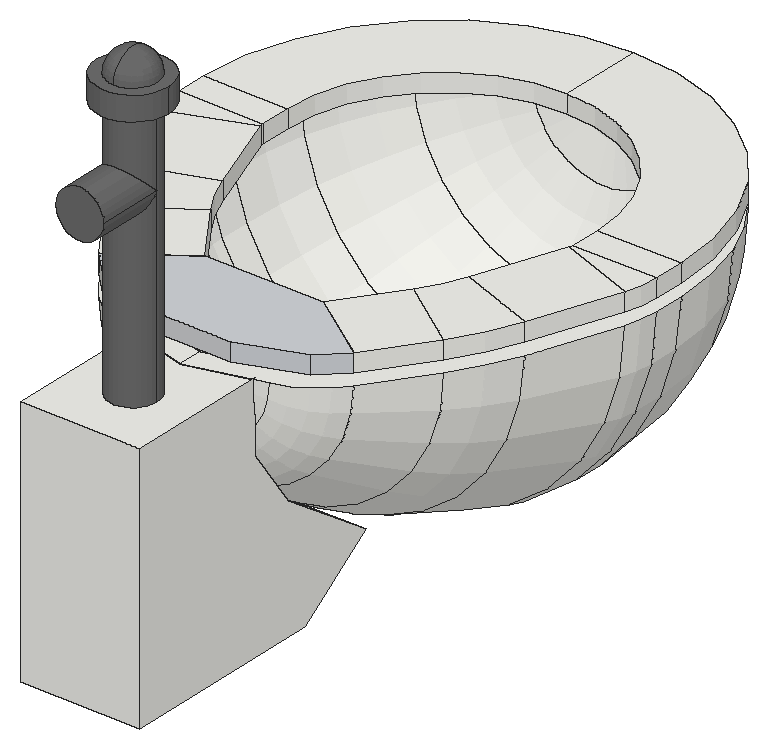
Revit family
Parameters (values of type "15" Seat Height")
  Waste Connection = no
  Vent Connection = no
  HW Connection = no
  CW Connection = no
  Assembly Code = "D2010100"
  Mounting Height = 1' - 3"
  Piping Material = Metal - Steel, Polished
  Toilet - Bowl Material = Porcelain - Ivory
  Toilet - Seat Material = Laminate - Ivory,Matte
Types (2): name | Assembly Code | Mounting Height
  15" Seat Height | "D2010100" | 1' - 3"
  19" Seat Height | "D2010110" | 1' - 7"
Reference planes (in)
  plane 1: y = 0
  plane 2: x = 15.94107
  plane 3: y = 3
  plane 4: y = 30
  plane 5: z = 13.5
  plane 6: z = 15
  plane 7: z = 25.5
  plane 8: y = 5.77698
  plane 9: x = 23.44107
  plane 10: x = 8.44107
Forms (in)
  Extrusion 1, solid, material "Porcelain - Ivory" <- "Toilet - Bowl Material"
    sketch origin (15.94107, 0, 0) x (0, -1, 0) y (0, 0, 1)
      loop
        line (-3, 13.5) -> (-9.0159, 13.5) -> (-9.0159, 10.60222) -> (-10.73663, 8.14477) -> (-14.83239, 5.27688) -> (-11.6632, 3) -> (-3, 3) -> (-3, 13.5)
    from -2.5 to 2.5
  Extrusion 2, solid, material "Metal - Steel, Polished" <- "Piping Material"
    sketch origin (13.44107, 3, 13.5) x (1, 0, 0) y (0, 1, 0)
      loop
        circle (2.5, 2.77698) r 1
    from 0 to 11
  Extrusion 3, solid, material "Metal - Steel, Polished" <- "Piping Material"
    sketch origin (0, 3, 0) x (1, 0, 0) y (0, 0, 1)
      loop
        circle (15.94107, 21.42564) r 1
    from 0 to -2.78125
  Extrusion 4, solid, material "Metal - Steel, Polished" <- "Piping Material"
    sketch origin (13.44107, 3, 24.5) x (1, 0, 0) y (0, 1, 0)
      loop
        circle (2.5, 2.77698) r 1.5
    from 0 to 1
  Revolve 5, solid, material "Metal - Steel, Polished" <- "Piping Material"
    sketch origin (15.94107, 0, 0) x (0, -1, 0) y (0, 0, 1)
      loop
        line (-6.78555, 25.5) -> (-5.77698, 25.5) -> (-5.77698, 26.50857)
        arc (-5.77698, 26.50857) -> (-6.49014, 26.21316) -> (-6.78555, 25.5) r 1.00857
      axis (-5.77698, 25.5) -> (-5.77698, 26.50857)
    angle from 0 to 360
  Revolve 6, solid, material "Porcelain - Ivory" <- "Toilet - Bowl Material"
    sketch origin (0, 0, 13.5) x (1, 0, 0) y (0, 1, 0)
      loop
        line (15.94107, 32) -> (15.94107, 31)
        arc (15.94107, 31) -> (17.5039, 30.86327) -> (19.01925, 30.45723) r 9
        arc (19.01925, 30.45723) -> (20.77677, 29.59052) -> (22.30503, 28.36396) r 9
        arc (22.30503, 28.36396) -> (23.53159, 26.8357) -> (24.3983, 25.07818) r 9
        arc (24.3983, 25.07818) -> (24.80434, 23.56283) -> (24.94107, 22) r 9
        line (24.94107, 22) -> (24.94107, 20.70531)
        arc (24.94107, 20.70531) -> (24.89549, 20.18436) -> (24.76015, 19.67925) r 3
        line (24.76015, 19.67925) -> (23.48959, 16.18842)
        arc (23.48959, 16.18842) -> (22.91009, 14.87141) -> (22.16364, 13.6413) r 11
        line (22.16364, 13.6413) -> (20.67216, 11.51124)
        arc (20.67216, 11.51124) -> (19.68986, 10.52894) -> (18.43083, 9.94185) r 4
        line (18.43083, 9.94185) -> (15.94107, 9.27472) -> (15.94107, 8.23944) -> (19.04122, 9.07012)
        arc (19.04122, 9.07012) -> (20.30025, 9.65722) -> (21.28255, 10.63952) r 4
        line (21.28255, 10.63952) -> (23.05831, 13.17557)
        arc (23.05831, 13.17557) -> (23.80475, 14.40567) -> (24.38425, 15.72269) r 11
        line (24.38425, 15.72269) -> (25.69984, 19.33723)
        arc (25.69984, 19.33723) -> (25.8803, 20.01072) -> (25.94107, 20.70531) r 4
        line (25.94107, 20.70531) -> (25.94107, 22)
        arc (25.94107, 22) -> (25.78915, 23.73648) -> (25.338, 25.4202) r 10
        arc (25.338, 25.4202) -> (24.37498, 27.373) -> (23.01214, 29.07107) r 10
        arc (23.01214, 29.07107) -> (21.31407, 30.43391) -> (19.36127, 31.39693) r 10
        arc (19.36127, 31.39693) -> (17.67755, 31.84808) -> (15.94107, 32) r 10
      axis (15.94107, 8.23944) -> (15.94107, 32)
    angle from 0 to 180
  Sweep 7, solid, material "Laminate - Ivory,Matte" <- "Toilet - Seat Material"
    path origin (0, 0, 13.5) x (1, 0, 0) y (0, 1, 0)
      loop
        line (21.28255, 10.63952) -> (23.05831, 13.17557)
        arc (23.05831, 13.17557) -> (23.80475, 14.40567) -> (24.38425, 15.72269) r 11
        line (24.38425, 15.72269) -> (25.69984, 19.33723)
        arc (25.69984, 19.33723) -> (25.8803, 20.01072) -> (25.94107, 20.70531) r 4
        line (25.94107, 20.70531) -> (25.94107, 22)
        arc (25.94107, 22) -> (23.01214, 29.07107) -> (15.94107, 32) r 10
        arc (15.94107, 32) -> (8.87, 29.07107) -> (5.94107, 22) r 10
        line (5.94107, 22) -> (5.94107, 20.70531)
        arc (5.94107, 20.70531) -> (6.00184, 20.01072) -> (6.1823, 19.33723) r 4
        line (6.1823, 19.33723) -> (7.49788, 15.72269)
        arc (7.49788, 15.72269) -> (8.07738, 14.40567) -> (8.82383, 13.17557) r 11
        line (8.82383, 13.17557) -> (10.59959, 10.63952)
    profile origin (0, 21.35265, 13.5) x (-1, 0, 0) y (0, 0, 1)
      loop
        line (-25.94107, 0.5) -> (-22.44107, 0.5) -> (-22.44107, 1.25) -> (-25.94107, 1.25) -> (-25.94107, 0.5)
  Extrusion 8, solid
    sketch origin (15.94107, 22, 14.75) x (1, 0, 0) y (0, 1, 0)
      loop
        line (-2.47445, -9.35296) -> (-5.34148, -11.36048) -> (-4.35918, -12.34278) -> (-1.7583, -13.28943) -> (1.7583, -13.28943) -> (4.35918, -12.34278) -> (5.34148, -11.36048) -> (2.47445, -9.35296) -> (-2.47445, -9.35296)
    from 0 to -0.75
Text (in)
  text "Placement Side" at (0, 40.15149, 123.01588), in view "Right"
  text "Placement Side, matches cursor" at (-30.92805, 50.76595, 0), in view "Floor Line"
  text "Placement Side" at (0, 47.49176, 61.18918), in view "Left"
Dimensions and locks (in)
  "Mounting Height": plane 6 to level
  locked: plane 6 to plane 5 at 1.5
  locked: plane 6 to plane 7 at 10.5
  locked: plane 3 to plane 8 at 2.77698
  aligned and locked: plane 3 to host wall
  aligned and locked: nested 1 to plane 6
  aligned and locked: nested 2 to plane 6
  aligned and locked: plane 3 to nested 2
  aligned and locked: plane 3 to nested 3
Automatic sketch dimensions
  Extrusion 1 sketch curve to plane 5 = 0' - 0"
  Extrusion 1 sketch curve to plane 3 = 0' - 0"
  plane 5 to Extrusion 1 sketch curve = 0' - 2.89778"
  Extrusion 1 sketch curve to Extrusion 1 sketch curve = 0' - 2.45746"
  Extrusion 1 sketch curve to Extrusion 1 sketch curve = 0' - 2.86788"
  level to Extrusion 1 sketch curve = 0' - 3"
  Extrusion 2 sketch curve to plane 2 = 0' - 0"
  Extrusion 2 sketch curve to Extrusion 2 sketch curve = 0' - 1"
  Extrusion 2 sketch curve to plane 3 = 0' - 2.77698"
  Extrusion 3 sketch curve to plane 2 = 0' - 0"
  plane 2 to Extrusion 3 sketch curve = 0' - 1"
  Extrusion 3 sketch curve to plane 5 = 0' - 7.92564"
  Extrusion 4 sketch curve to plane 2 = 0' - 0"
  Extrusion 4 sketch curve to Extrusion 4 sketch curve = 0' - 1 1/2"
  Extrusion 4 sketch curve to plane 3 = 0' - 2.77698"
  Revolve 5 sketch curve to plane 7 = 0' - 0"
  Revolve 5 sketch curve to plane 8 = 0' - 0"  (x2)
  Revolve 5 sketch curve to Revolve 5 sketch curve = 0' - 1.00857"
  Revolve 5 sketch curve to Revolve 5 sketch curve = 0' - 1.53583"
  Revolve 5 sketch curve to Revolve 5 sketch curve = 0' - 1"
  Revolve 6 sketch curve to plane 2 = 0' - 0"  (x9)
  plane 2 to Revolve 6 sketch curve = 0' - 1.89343"
  Revolve 6 sketch curve to plane 2 = 0' - 1.45448"
  Revolve 6 sketch curve to Revolve 6 sketch curve = 0' - 0.61039"  (x3)
  Revolve 6 sketch curve to plane 2 = 0' - 2.48976"
  Revolve 6 sketch curve to Revolve 6 sketch curve = 0' - 0.34202"  (x2)
  Revolve 6 sketch curve to Revolve 6 sketch curve = 0' - 2.24133"
  Revolve 6 sketch curve to Revolve 6 sketch curve = 0' - 4"
  Revolve 6 sketch curve to Revolve 6 sketch curve = 0' - 0"  (x38)
  Revolve 6 sketch curve to Revolve 6 sketch curve = 0' - 1.49148"
  Revolve 6 sketch curve to Revolve 6 sketch curve = 0' - 0.70711"
  Revolve 6 sketch curve to Revolve 6 sketch curve = 0' - 0.89466"  (x3)
  Revolve 6 sketch curve to Revolve 6 sketch curve = 0' - 1.32595"
  Revolve 6 sketch curve to Revolve 6 sketch curve = 0' - 0.93969"  (x2)
  Revolve 6 sketch curve to Revolve 6 sketch curve = 0' - 0.18092"
  Revolve 6 sketch curve to Revolve 6 sketch curve = 0' - 1.5694"
  Revolve 6 sketch curve to Revolve 6 sketch curve = 0' - 0.66713"
  Revolve 6 sketch curve to Revolve 6 sketch curve = 0' - 0.87172"  (x2)
  Revolve 6 sketch curve to Revolve 6 sketch curve = 0' - 1.03528"
  Revolve 6 sketch curve to Revolve 6 sketch curve = 0' - 3.07818"
  Revolve 6 sketch curve to Revolve 6 sketch curve = 0' - 2.09327"
  Revolve 6 sketch curve to Revolve 6 sketch curve = 0' - 4.14214"
  Revolve 6 sketch curve to Revolve 6 sketch curve = 0' - 4.02829"
  Revolve 6 sketch curve to Revolve 6 sketch curve = 0' - 1.54852"
  Revolve 6 sketch curve to Revolve 6 sketch curve = 0' - 3.28578"
  Revolve 6 sketch curve to Revolve 6 sketch curve = 0' - 0.46573"  (x2)
  Sweep 7 sketch curve to plane 2 = 0' - 0"
  plane 2 to Sweep 7 sketch curve = 0' - 1.89343"
  Sweep 7 sketch curve to Sweep 7 sketch curve = 0' - 4.10657"
  Sweep 7 sketch curve to Sweep 7 sketch curve = 0' - 1.77576"  (x2)
  Sweep 7 sketch curve to Sweep 7 sketch curve = 0' - 1.32595"  (x2)
  Sweep 7 sketch curve to Sweep 7 sketch curve = 0' - 1.31559"
  Sweep 7 sketch curve to plane 2 = 0' - 1.89343"
  Sweep 7 sketch curve to Sweep 7 sketch curve = 0' - 4"
  Sweep 7 sketch curve to Sweep 7 sketch curve = 0' - 0.24123"  (x2)
  Sweep 7 sketch curve to Sweep 7 sketch curve = 0' - 2.54712"  (x2)
  plane 2 to Sweep 7 sketch curve = 0' - 7.11724"
  Sweep 7 sketch curve to plane 2 = 0' - 5.34148"
  Sweep 7 sketch curve to profile plane = 0' - 0"
  Sweep 7 sketch curve to plane 5 = 0' - 1 1/4"
  Sweep 7 sketch curve to profile plane = 0' - 3 1/2"
  Sweep 7 sketch curve to plane 5 = 0' - 0 1/2"
  plane 2 to Extrusion 8 sketch curve = 0' - 5.34148"
  Extrusion 8 sketch curve to Extrusion 8 sketch curve = 0' - 0.9823"  (x4)
  plane 2 to Extrusion 8 sketch curve = 0' - 2.47445"
  plane 2 to Extrusion 8 sketch curve = 0' - 1.7583"
  Extrusion 8 sketch curve to plane 2 = 0' - 1.7583"
  Extrusion 8 sketch curve to plane 2 = 0' - 2.47445"
  Extrusion 8 sketch curve to Extrusion 8 sketch curve = 0' - 2.60088"
  Extrusion 8 sketch curve to Extrusion 8 sketch curve = 0' - 0.94664"  (x2)
  Revolve 6 sketch curve to Revolve 6 sketch curve = 0' - 3.61454"
  Revolve 6 sketch curve to Revolve 6 sketch curve = 0' - 2.51509"
  Sweep 7 sketch curve to Sweep 7 sketch curve = 0' - 0"  (x2)
  Sweep 7 sketch curve to Sweep 7 sketch curve = 0' - 3.61454"  (x2)
  Sweep 7 sketch curve to Sweep 7 sketch curve = 0' - 1.29469"
  host wall to Extrusion 1 sketch curve = 0' - 6.0159"
  Extrusion 1 sketch curve to Extrusion 1 sketch curve = 0' - 1.72073"
  Extrusion 1 sketch curve to Extrusion 1 sketch curve = 0' - 0.92658"
  Extrusion 1 sketch curve to Extrusion 1 sketch curve = 0' - 3.16918"
  host wall to Revolve 6 sketch curve = 0' - 5.23944"
  Revolve 6 sketch curve to Revolve 6 sketch curve = 0' - 1.66432"
  Revolve 6 sketch curve to Revolve 6 sketch curve = 0' - 2.54712"
  Sweep 7 sketch curve to plane 3 = 0' - 7.63952"  (x2)
  Sweep 7 sketch curve to Sweep 7 sketch curve = 0' - 2.53605"  (x2)
  Extrusion 8 sketch curve to Sweep 7 = 1' - 1.28943"
  Extrusion 8 sketch curve to Extrusion 8 sketch curve = 0' - 2.00752"
Nested families (in)
  nested 1: "Toilet Front Elev - Floor Mount" at (15.94107, 0, 15) x (-1, 0, 0) z (0, 1, 0), type "Toilet Front Elev - Floor Mount"
  nested 2: "Toilet Side Elev - Floor Mount" at (0, 3, 15) x (0, -1, 0) z (-1, 0, 0), type "Toilet Side Elev - Floor Mount"
  nested 3: "Toilet Plan - Floor Mount" at (15.94107, 3, 0), type "Toilet Plan - Floor Mount"
Definition of nested family "Toilet Front Elev - Floor Mount"
  Reference planes (in)
    plane 1 "Center (Front/Back)": y = 0
    plane 2: z = 0
    plane 3 "Center (Left/Right)": x = 0
  Lines and regions (in)
    Masking region 1, in view "Ref. Level"
      outline origin (0, 0, 0) x (1, 0, 0) y (0, 1, 0)
        loop
          line (1.42289, 0) -> (1.42289, 0.47761) -> (0.96384, 0.47761) -> (0.96384, 0.88934) -> (0.75, 0.88934) -> (0.75, 9.23134) -> (0.91011, 9.23134) -> (0.91011, 9.44001) -> (1.04795, 9.44001) -> (1.04795, 9.5569) -> (1.712, 9.5569) -> (1.712, 9.73705) -> (3.98097, 9.73705)
          arc (3.98097, 9.73705) -> (4.13722, 9.8933) -> (3.98097, 10.04955) r 0.15625
          line (3.98097, 10.04955) -> (1.712, 10.04955) -> (1.712, 10.2297) -> (1.04795, 10.2297) -> (1.04795, 10.3466) -> (0.87569, 10.3466) -> (0.87569, 11.10026) -> (1.33608, 11.10026) -> (1.18798, 12.0801) -> (0.57057, 12.0801) -> (0.57057, 12.23808) -> (-0.57057, 12.23808) -> (-0.57057, 12.0801) -> (-1.18798, 12.0801) -> (-1.33608, 11.10026) -> (-0.87569, 11.10026) -> (-0.87569, 10.97343) -> (-2.26314, 10.97343) -> (-2.26314, 11.05405) -> (-2.48409, 11.05405)
          arc (-2.48409, 11.05405) -> (-3.91306, 10.72343) -> (-2.48409, 10.39281) r 0.75273
          line (-2.48409, 10.39281) -> (-2.26314, 10.39281) -> (-2.26314, 10.47343) -> (-0.87569, 10.47343) -> (-0.87569, 10.3466) -> (-1.04795, 10.3466) -> (-1.04795, 9.44001) -> (-0.91011, 9.44001) -> (-0.91011, 9.23134) -> (-0.75, 9.23134) -> (-0.75, 0.88934) -> (-0.96384, 0.88934) -> (-0.96384, 0.47761) -> (-1.42289, 0.47761) -> (-1.42289, 0) -> (-6.59202, 0)
          arc (-6.59202, 0) -> (-6.75297, -0.0587) -> (-6.83834, -0.20724) r 0.25
          line (-6.83834, -0.20724) -> (-6.97597, -1) -> (-7.05838, -1)
          arc (-7.05838, -1) -> (-7.2299, -1.06813) -> (-7.30795, -1.23538) r 0.25
          arc (-7.30795, -1.23538) -> (-6.78921, -5.04676) -> (-4.86836, -8.37933) r 9.9862
          arc (-4.86836, -8.37933) -> (-4.70296, -8.59479) -> (-4.67364, -8.86484) r 0.50321
          line (-4.67364, -8.86484) -> (-5.56872, -15) -> (5.65846, -15) -> (4.67364, -8.86484)
          arc (4.67364, -8.86484) -> (4.70296, -8.59479) -> (4.86836, -8.37933) r 0.50321
          arc (4.86836, -8.37933) -> (6.78921, -5.04676) -> (7.30795, -1.23538) r 9.9862
          arc (7.30795, -1.23538) -> (7.2299, -1.06813) -> (7.05838, -1) r 0.25
          line (7.05838, -1) -> (6.97597, -1) -> (6.83834, -0.20724)
          arc (6.83834, -0.20724) -> (6.75297, -0.0587) -> (6.59202, 0) r 0.25
          line (6.59202, 0) -> (1.42289, 0)
    detail lines, style "0", in view "Ref. Level"
      curve 1: circle (-3.16033, 10.72343, 0) r 0.50273 normal (0, 0, 1)
      curve 2: line (-2.78161, 10.39281, 0) -> (-2.26314, 10.39281, 0)
      curve 3: line (-2.26314, 10.39281, 0) -> (-2.26314, 11.05405, 0)
      curve 4: line (-2.26314, 11.05405, 0) -> (-2.78161, 11.05405, 0)
      curve 5: line (-2.26314, 10.97343, 0) -> (-0.87569, 10.97343, 0)
      curve 6: line (-0.87569, 10.47343, 0) -> (-2.26314, 10.47343, 0)
      curve 7: line (-0.75, 9.23134, 0) -> (0.75, 9.23134, 0)
      curve 8: line (1.712, 9.5569, 0) -> (1.712, 10.2297, 0)
      curve 9: line (-0.91011, 9.44001, 0) -> (0.91011, 9.44001, 0)
      curve 10: line (1.04795, 9.5569, 0) -> (1.04795, 10.2297, 0)
      curve 11: line (0.87569, 10.3466, 0) -> (-0.87569, 10.3466, 0)
      curve 12: line (-0.57057, 12.0801, 0) -> (0.57057, 12.0801, 0)
      curve 13: line (0.87569, 11.10026, 0) -> (-0.87569, 11.10026, 0)
      curve 14: line (0.96384, 0.47761, 0) -> (-0.96384, 0.47761, 0)
      curve 15: line (-0.75, 0.88934, 0) -> (0.75, 0.88934, 0)
      curve 16: line (1.42289, 0, 0) -> (-1.42289, 0, 0)
    detail lines, in view "Ref. Level"
      curve 17: line (-6.97597, -1, 0) -> (6.97597, -1, 0)
Definition of nested family "Toilet Side Elev - Floor Mount"
  Reference planes (in)
    plane 1 "Center (Front/Back)": y = 0
    plane 2: z = 0
    plane 3 "Center (Left/Right)": x = 0
  Lines and regions (in)
    Masking region 1, in view "Ref. Level"
      outline origin (0, 0, 0) x (1, 0, 0) y (0, 1, 0)
        loop
          line (-25.79846, -1.25) -> (-25.79846, -3.25)
          arc (-25.79846, -3.25) -> (-25.72524, -3.42678) -> (-25.54846, -3.5) r 0.25
          line (-25.54846, -3.5) -> (-24.97288, -3.5)
          arc (-24.97288, -3.5) -> (-24.83073, -3.54435) -> (-24.73901, -3.66167) r 0.25
          arc (-24.73901, -3.66167) -> (-21.56578, -7.96074) -> (-16.61459, -9.96998) r 9.84854
          arc (-16.61459, -9.96998) -> (-16.3555, -10.07811) -> (-16.19553, -10.30881) r 0.5
          line (-16.19553, -10.30881) -> (-15.82412, -11.42302)
          arc (-15.82412, -11.42302) -> (-15.80492, -11.50105) -> (-15.79846, -11.58114) r 0.5
          line (-15.79846, -11.58114) -> (-15.79846, -13.25)
          arc (-15.79846, -13.25) -> (-15.87169, -13.42678) -> (-16.04846, -13.5) r 0.25
          line (-16.04846, -13.5) -> (-16.36827, -13.5)
          arc (-16.36827, -13.5) -> (-16.52316, -13.55376) -> (-16.61143, -13.69191) r 0.25
          line (-16.61143, -13.69191) -> (-16.9239, -15) -> (-1.47715, -15) -> (-1.78963, -13.69191)
          arc (-1.78963, -13.69191) -> (-1.8779, -13.55376) -> (-2.03279, -13.5) r 0.25
          line (-2.03279, -13.5) -> (-2.3526, -13.5)
          arc (-2.3526, -13.5) -> (-2.52937, -13.42678) -> (-2.6026, -13.25) r 0.25
          line (-2.6026, -13.25) -> (-2.6026, -11.58114)
          arc (-2.6026, -11.58114) -> (-2.59614, -11.50105) -> (-2.57694, -11.42302) r 0.5
          line (-2.57694, -11.42302) -> (-2.20553, -10.30881)
          arc (-2.20553, -10.30881) -> (-0.78187, -7.58944) -> (-0.20154, -4.57532) r 10.54648
          line (-0.20154, -4.57532) -> (-0.20154, -1) -> (-1.12557, -1) -> (-1.12557, -0.52239) -> (-1.58462, -0.52239) -> (-1.58462, -0.11066) -> (-1.79846, -0.11066) -> (-1.79846, 8.23134) -> (-1.63835, 8.23134) -> (-1.63835, 8.44001) -> (-1.50052, 8.44001) -> (-1.50052, 9.3466) -> (-1.67277, 9.3466) -> (-1.67277, 10.10026) -> (-1.21239, 10.10026) -> (-1.36048, 11.0801) -> (-1.97789, 11.0801) -> (-1.97789, 11.23808) -> (-3.11903, 11.23808) -> (-3.11903, 11.0801) -> (-3.73644, 11.0801) -> (-3.88454, 10.10026) -> (-3.42415, 10.10026) -> (-3.42415, 9.3466) -> (-3.59641, 9.3466) -> (-3.59641, 8.44001) -> (-3.45857, 8.44001) -> (-3.45857, 8.23134) -> (-3.29846, 8.23134) -> (-3.29846, -0.11066) -> (-3.5123, -0.11066) -> (-3.5123, -0.52239) -> (-3.97135, -0.52239) -> (-3.97135, -1) -> (-5.5, -1) -> (-5.5, 0) -> (-25.04846, 0)
          arc (-25.04846, 0) -> (-25.22524, -0.07322) -> (-25.29846, -0.25) r 0.25
          line (-25.29846, -0.25) -> (-25.29846, -1) -> (-25.54846, -1)
          arc (-25.54846, -1) -> (-25.72524, -1.07322) -> (-25.79846, -1.25) r 0.25
    detail lines, style "0", in view "Ref. Level"
      curve 1: circle (-2.59567, 8.8933, 0) r 0.40222 normal (0, 0, -1)
      curve 2: circle (-2.59567, 8.8933, 0) r 0.14833 normal (0, 0, -1)
      curve 3: line (-5.5, -1, 0) -> (-25.29846, -1, 0)
      curve 4: line (-5.5, 0, 0) -> (-26.99983, 0, 0)
      curve 5: line (-3.29846, -0.11066, 0) -> (-3.29846, 8.23134, 0)
      curve 6: line (-3.29846, -0.11066, 0) -> (-1.79846, -0.11066, 0)
      curve 7: line (-3.5123, -0.52239, 0) -> (-1.58462, -0.52239, 0)
      curve 8: line (-1.97789, 11.0801, 0) -> (-3.11903, 11.0801, 0)
      curve 9: line (-3.42415, 10.10026, 0) -> (-1.67277, 10.10026, 0)
      curve 10: line (-3.29846, 8.23134, 0) -> (-1.79846, 8.23134, 0)
      curve 11: line (-1.67277, 9.3466, 0) -> (-3.42415, 9.3466, 0)
      curve 12: line (-3.45857, 8.44001, 0) -> (-1.63835, 8.44001, 0)
  Dimensions and locks (in)
    aligned: curve 3 to Masking region 1
Definition of nested family "Toilet Plan - Floor Mount"
  Reference planes (in)
    plane 1 "Center (Front/Back)": y = 0
    plane 2: z = 0
    plane 3 "Center (Left/Right)": x = 0
  Lines and regions (in)
    Masking region 1, in view "Ref. Level"
      outline origin (16.50001, 0, 0) x (1, 0, 0) y (0, 1, 0)
        loop
          arc (-12.0534, 26.52821) -> (-16.50001, 28.49985) -> (-20.94663, 26.52821) r 6
          arc (-20.94663, 26.52821) -> (-23.35323, 22.66216) -> (-24.25001, 18.19743) r 12.76826
          arc (-24.25001, 18.19743) -> (-23.56659, 13.13676) -> (-20.99953, 8.72228) r 13.09508
          arc (-20.99953, 8.72228) -> (-20.81447, 8.4146) -> (-20.75001, 8.0614) r 1
          line (-20.75001, 8.0614) -> (-20.75001, 5.49985)
          arc (-20.75001, 5.49985) -> (-20.45712, 4.79275) -> (-19.75001, 4.49985) r 1
          line (-19.75001, 4.49985) -> (-19.00001, 4.49985) -> (-19.00001, 2.50007)
          arc (-19.00001, 2.50007) -> (-16.50001, 0.00007) -> (-14.00001, 2.50007) r 2.5
          line (-14.00001, 2.50007) -> (-14.00001, 4.49985) -> (-13.25001, 4.49985)
          arc (-13.25001, 4.49985) -> (-12.54291, 4.79275) -> (-12.25001, 5.49985) r 1
          line (-12.25001, 5.49985) -> (-12.25001, 8.0614)
          arc (-12.25001, 8.0614) -> (-12.18556, 8.4146) -> (-12.0005, 8.72228) r 1
          arc (-12.0005, 8.72228) -> (-9.43344, 13.13676) -> (-8.75001, 18.19743) r 13.09508
          arc (-8.75001, 18.19743) -> (-9.6468, 22.66216) -> (-12.0534, 26.52821) r 12.76826
    detail lines, in view "Ref. Level"
      curve 1: circle (-0.00001, 2.50007, 0) r 1.33608 normal (0, 0, 1)
      curve 2: circle (-0.00001, 2.50007, 0) r 0.57057 normal (0, 0, 1)
      curve 3: line (-1.29305, 2.83648, 0) -> (-1.71201, 2.83648, 0)
      curve 4: line (-1.71201, 2.83648, 0) -> (-1.71201, 2.16367, 0)
      curve 5: line (-1.71201, 2.16367, 0) -> (-1.29305, 2.16367, 0)
      curve 6: line (-1.71201, 2.65632, 0) -> (-3.98098, 2.65632, 0)
      curve 7: arc (-3.98098, 2.65632, 0) -> (-4.13723, 2.50007, 0) -> (-3.98098, 2.34382, 0) r 0.15625
      curve 8: line (-3.98098, 2.34382, 0) -> (-1.71201, 2.34382, 0)
